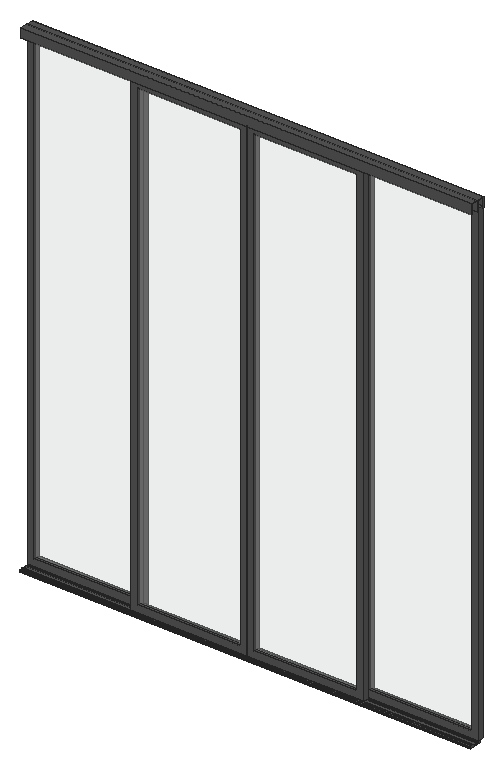
Revit family "Door_FTS CD_The Sliding Door Company_4-Panel Double Track (ABBA-Regular)", category Doors, host Wall, Revit 2019 (continued)
Automatic sketch dimensions
  Extrusion 41 sketch curve to Extrusion 41 sketch curve = 0.0312"
  Extrusion 41 sketch curve to Extrusion 41 sketch curve = 0.05716"  (x4)
  Extrusion 41 sketch curve to Extrusion 41 sketch curve = 0.05956"  (x4)
  Extrusion 41 sketch curve to Extrusion 41 sketch curve = 0.04963"  (x4)
  level to Extrusion 41 sketch curve = 0.05956"  (x2)
  Extrusion 41 sketch curve to Extrusion 41 sketch curve = 0.13202"
  Extrusion 41 sketch curve to Extrusion 41 sketch curve = 0.07246"  (x2)
  Extrusion 41 sketch curve to Extrusion 41 sketch curve = 0.03107"  (x6)
  level to Extrusion 41 sketch curve = 0.05951"  (x2)
  Extrusion 41 sketch curve to Extrusion 41 sketch curve = 0.7804"
  level to Extrusion 41 sketch curve = 0.28786"
  Extrusion 41 sketch curve to Extrusion 41 sketch curve = 0.37719"  (x2)
  level to Extrusion 41 sketch curve = 0.14951"
  Extrusion 41 sketch curve to Extrusion 41 sketch curve = 0.01299"
  Extrusion 41 sketch curve to Extrusion 41 sketch curve = 0.03284"  (x2)
  Extrusion 41 sketch curve to Extrusion 41 sketch curve = 0.00005"  (x4)
  Extrusion 41 sketch curve to Extrusion 41 sketch curve = 0.03182"  (x2)
  Extrusion 41 sketch curve to Extrusion 41 sketch curve = 0.0501"  (x2)
  Extrusion 41 sketch curve to Extrusion 41 sketch curve = 0.03986"
  Extrusion 41 sketch curve to Extrusion 41 sketch curve = 0.05547"
  Extrusion 41 sketch curve to Extrusion 41 sketch curve = 0.09532"
  Extrusion 41 sketch curve to Extrusion 41 sketch curve = 0.06662"
  Extrusion 41 sketch curve to Extrusion 41 sketch curve = 0.18027"
  Extrusion 41 sketch curve to Extrusion 41 sketch curve = 0.08276"
  Extrusion 41 sketch curve to Extrusion 41 sketch curve = 0.00012"  (x2)
  Extrusion 41 sketch curve to Extrusion 41 sketch curve = 0.03266"  (x2)
  Extrusion 41 sketch curve to Extrusion 41 sketch curve = 0.09928"
  Extrusion 41 sketch curve to Extrusion 41 sketch curve = 0.03873"
  Extrusion 41 sketch curve to Extrusion 41 sketch curve = 0.03876"  (x2)
  Extrusion 41 sketch curve to Extrusion 41 sketch curve = 0.03877"
  Extrusion 41 sketch curve to Extrusion 41 sketch curve = 0.00007"
  Extrusion 41 sketch curve to Extrusion 41 sketch curve = 0.05866"
  Extrusion 41 sketch curve to Extrusion 41 sketch curve = 0.00004"
  Extrusion 41 sketch curve to Extrusion 41 sketch curve = 0.08823"
  Extrusion 41 sketch curve to Extrusion 41 sketch curve = 0.06838"
  host wall to Extrusion 41 sketch curve = 0.48001"
